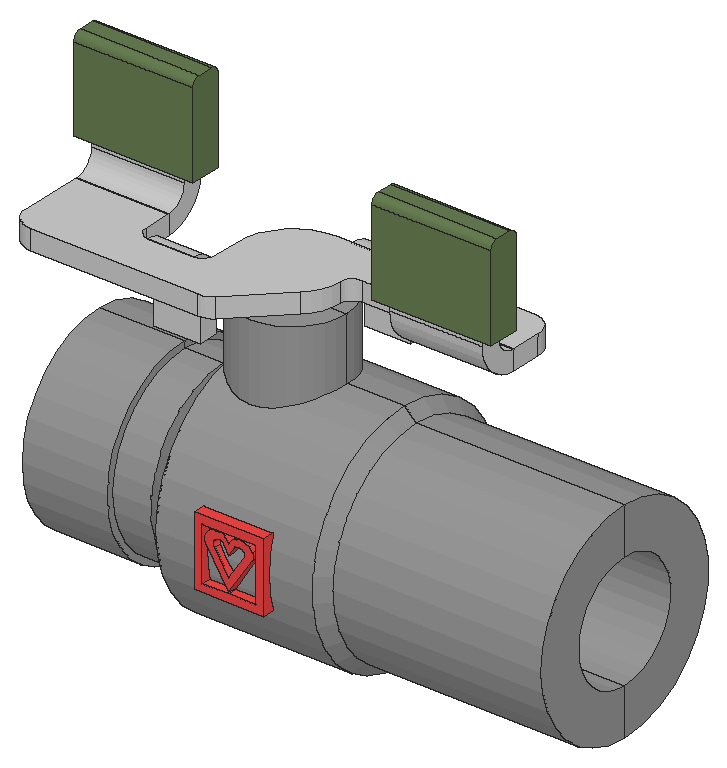
Revit family "Шаровой кран с маховиком бабочка и обратным клапаном 2110", category Rohrzubehör, Revit 2021
Family settings
  Bemaßung runder Anschluss = Durchmesser verwenden
  Teiletyp = Unterbricht
  OmniClass-Nummer = 23.65.55.14
  OmniClass-Titel = Valves for Liquid Services
  Arbeitsebenenbasiert = Nein
  Immer vertikal = Ja
  Beim Laden mit Abzugskörper schneiden = Nein
  Gemeinsam genutzt = Nein
Parameters
  Шпиндель = "латунь в соответствии с EN 12164, CW614N"  # constant formula
  Шар = "штампованная латунь, устойчивая к селективной цинковой коррозии, согласно EN 12165, хромированный полнопроходной шар, CW626N"  # constant formula
  Уплотнение шпинделя = "EPDM"  # constant formula
  Уплотнение шара = "PTFE"  # constant formula
  Среда = "Питьевая вода"  # constant formula
  Рукоятка = "маховик бабочка, цвет - зеленый, оцинкованная сталь"  # constant formula
  Резьба = "согласно  ISO 228"  # constant formula
  Примечание = "В соответствии со статьей 33 Регламента REACH (Registration; Evaluation; Authorisation; Restriction of Chemicals) (EC № 1907/2006) мы обязаны указать, что свинец внесен в список SVHC (Substances of Very High Concern - вещества очень высокой важности) и весовой процент свинца во всех латунных компонентах заводского изготовления в наших изделиях, превышает 0,1 % (w/w) (CAS: 7439-92-1 / EINECS: 231-100-4).\r\nПоскольку свинец является легирующим компонентом сплава, прямое негативное влияние исключается, и поэтому дополнительной информации о безопасном использовании не требуется."
  Область применения = "Шаровой кран с маховиком \"бабочка\" и обратным клапаном применяется в системах питьевого водоснабжения и служит запорным устройством.\r\nКак правило, шаровые краны используются в системах для надежного перекрытия трубопровода.\r\nОбратный клапан гарантирует движение потока только в одном направлении, указанном стрелкой на корпусе крана."
  Номер заказа [instance] = size_lookup("2110_0X_", "Artnr", 0, Nennweite)  # 2211001
  Мин. рабочая температура (вода) = 0.5 °C  # constant formula
  Мин. рабочая температура = -10 °C  # constant formula
  Макс. рабочее давление = 2500000.0 Pa  # constant formula
  Макс. рабочая температура = 85 °C  # constant formula
  Корпус = "штампованная латунь, устойчивая к селективной цинковой коррозии, согласно EN 12165, CW626N"  # constant formula
  W01 = 45.00°  # constant formula
  Vorgabe-Ansicht = 0.000 mm
  URL = "www.herz-armaturen.ru"
  SC_NennweiteBerechnet = 0
  SC_Dimension = ""
  SCTWSEQ = "FW;SBT_TYP_FW=\"102\";2"
  SCTWCODE = "04;04;02"  # constant formula
  S04 = 5.000 mm  # constant formula
  S03 [instance] = D04 - 2.000 mm  # 11.500 mm
  S02 [instance] = L01 + 4.500 mm  # 38.500 mm
  S01 [instance] = D04 * 2  # 27.000 mm
  R01 = 7.000 mm  # constant formula
  O-Ring обратного клапана = "силикон"  # constant formula
  Nennweite [instance] = 15.000 mm
  L05 [instance] = size_lookup("2110_0X_", "L5", 1.000 mm, Nennweite)  # 25.000 mm
  L04 [instance] = size_lookup("2110_0X_", "L4", 1.000 mm, Nennweite)  # 27.000 mm
  L03 = 5.000 mm  # constant formula
  L02 [instance] = size_lookup("2110_0X_", "L2", 1.000 mm, Nennweite)  # 11.000 mm
  L01 [instance] = size_lookup("2110_0X_", "L1", 1.000 mm, Nennweite)  # 34.000 mm
  IG [instance] = Nennweite / 2  # 7.500 mm
  Hersteller = "HERZ Armaturen Ges.m.b.H."  # constant formula
  H01 [instance] = size_lookup("2110_0X_", "H1", 1.000 mm, Nennweite)  # 23.000 mm
  Корпус обратного клапана = "POM"  # constant formula
  GT [instance] = size_lookup("2110_0X_", "GT", 1.000 mm, Nennweite)  # 10.000 mm
  DN15-DN20 [instance] = if(Nennweite = 15.000 mm, 42.000 mm, 46.000 mm)  # 42.000 mm
  D04 [instance] = size_lookup("2110_0X_", "D4", 1.000 mm, Nennweite)  # 13.500 mm
  D03 [instance] = size_lookup("2110_0X_", "D3", 1.000 mm, Nennweite)  # 15.000 mm
  D02 [instance] = size_lookup("2110_0X_", "D2", 1.000 mm, Nennweite)  # 11.700 mm
  D01 [instance] = size_lookup("2110_0X_", "D1", 1.000 mm, Nennweite)  # 12.500 mm
Reference planes
  plane 1 "Mitte (Vorne/hinten)": y = 0
  plane 2: z = 0
  plane 3 "Mitte (Links/rechts)": x = 0
Forms (mm)
  Revolve 1, solid, material "Messing, weicher Gelbton, geschweißt", detail levels fine
    sketch origin (0, 0, 0) x (1, 0, 0) y (0, 0, 1)
      loop
        line (-24, 0) -> (24, 0) -> (24, 7.5) -> (34, 7.5) -> (34, 13.5) -> (7, 13.5) -> (5.5, 15) -> (-14.7, 15) -> (-18, 11.7) -> (-23, 11.7) -> (-23, 12.5) -> (-34, 12.5) -> (-34, 7.5) -> (-24, 7.5) -> (-24, 0)
      axis (-34, 0) -> (34, 0)
    angle from 0 to 360
  Revolve 2, solid, material "Messing, weicher Gelbton, geschweißt", detail levels fine
    sketch origin (0, 0, 0) x (1, 0, 0) y (0, 0, 1)
      loop
        line (-5.588, 0) -> (-5.588, 8) -> (-2, 8) -> (-2, 23) -> (-9, 23) -> (-9, 0) -> (-5.588, 0)
      axis (-9, 0) -> (-9, 23)
    angle from 0 to 360
Lines and regions (mm)
  model lines, detail levels coarse+medium
    curve 1: line (-34, 0, 13.5) -> (-34, 0, -13.5)
    curve 2: line (-34, 0, -13.5) -> (4.5, 0, 13.5)
    curve 3: line (4.5, 0, 13.5) -> (4.5, 0, -13.5)
    curve 4: line (4.5, 0, -13.5) -> (-34, 0, 13.5)
    curve 5: circle (-14.75, 0, 0) r 11.5 normal (0, -1, 0)
    curve 6: line (4.5, 0, 13.5) -> (34, 0, -13.5)
    curve 7: line (34, 0, -13.5) -> (34, 0, 13.5)
    curve 8: circle (4.5, 0, 13.5) r 5 normal (0, -1, 0)
    curve 9: line (-34, 13.5, 0) -> (-34, -13.5, 0)
    curve 10: line (-34, -13.5, 0) -> (4.5, 13.5, 0)
    curve 11: line (4.5, 13.5, 0) -> (4.5, -13.5, 0)
    curve 12: line (4.5, -13.5, 0) -> (-34, 13.5, 0)
    curve 13: line (4.5, 13.5, 0) -> (34, -13.5, 0)
    curve 14: line (34, -13.5, 0) -> (34, 13.5, 0)
    curve 15: circle (4.5, 13.5, 0) r 5 normal (0, 0, 1)
    curve 16: circle (-14.75, 0, 0) r 11.5 normal (0, 0, 1)
Dimensions and locks
  "L01": plane 3 "Mitte (Links/rechts)" to Revolve 1 sketch curve
  "L01": Revolve 1 sketch curve to plane 3 "Mitte (Links/rechts)"
  "L02": Revolve 1 sketch curve to Revolve 1 sketch curve
  "L03": Revolve 1 sketch curve to Revolve 1 sketch curve
  "D01": Revolve 1 sketch curve to plane 2
  "D02": Revolve 1 sketch curve to plane 2
  "D03": Revolve 1 sketch curve to plane 2
  "L04": Revolve 1 sketch curve to Revolve 1 sketch curve
  "D04": Revolve 1 sketch curve to plane 2
  "GT": Revolve 1 sketch curve to Revolve 1 sketch curve  (x2)
  "IG": Revolve 1 sketch curve to plane 2  (x2)
  "L05": Revolve 1 to Revolve 2 sketch curve  (x2)
  "H01": Revolve 2 sketch curve to plane 2
  "R01": Revolve 2 sketch curve to Revolve 2 sketch curve
  Revolve 2 sketch curve to plane 2 = 8.000 mm
  equal spacing: Revolve 1, nested 1, Revolve 1
  "D03": nested 1 to plane 1 "Mitte (Vorne/hinten)"
  equal spacing: curve 4, plane 2, curve 2
  "S01": curve 4 to curve 2
  "L01": plane 3 "Mitte (Links/rechts)" to curve 1
  equal spacing: curve 3, plane 2, curve 4
  "S01": curve 4 to curve 3
  "S02": curve 1 to curve 3
  equal spacing: curve 1, curve 5, curve 3
  "S02": curve 1 to curve 8
  "L01": curve 7 to plane 3 "Mitte (Links/rechts)"
  equal spacing: curve 7, plane 2, curve 7
  "S01": curve 7 to curve 7
  equal spacing: curve 10, plane 1 "Mitte (Vorne/hinten)", curve 12
  equal spacing: curve 12, plane 1 "Mitte (Vorne/hinten)", curve 13
  equal spacing: curve 14, plane 1 "Mitte (Vorne/hinten)", curve 14
  "L01": curve 9 to plane 3 "Mitte (Links/rechts)"
  "S02": curve 9 to curve 11
  "S02": curve 9 to curve 15
  "L01": plane 3 "Mitte (Links/rechts)" to curve 14
  "S01": curve 12 to curve 9
  "S01": curve 13 to curve 12
  "S01": curve 14 to curve 14
  equal spacing: curve 9, curve 16, curve 11
  "L05": Revolve 1 to nested 2
  "DN15-DN20": nested 2 to plane 2
  "S03": radius of curve 5
  "S04": radius of curve 8
  "S04": radius of curve 15
  "S03": radius of curve 16
  "W01": angle Revolve 1 sketch curve to Revolve 1 sketch curve  (x2)
  aligned and locked: level to plane 2
Automatic sketch dimensions
  curve 5 to level = 0.000 mm
  curve 8 to curve 2 = 0.000 mm
  plane 1 "Mitte (Vorne/hinten)" to curve 16 = 0.000 mm
  curve 15 to curve 10 = 0.000 mm
  Revolve 1 sketch curve to level = 0.000 mm  (x2)
  Revolve 1 sketch curve to Revolve 1 sketch curve = 1490.843 mm
  Revolve 1 sketch curve to Revolve 1 sketch curve = 1823.461 mm
  Revolve 2 sketch curve to level = 0.000 mm  (x2)
  Revolve 2 sketch curve to Revolve 2 sketch curve = 3.588 mm
  Revolve 2 sketch curve to Revolve 2 sketch curve = 0.000 mm
Nested families
  nested 1: "Herz-Logo-vorne" at (-4.6, -15, 0) x (0, 1, 0) z (0, 0, 1), type "Herz-Logo-vorne", detail levels fine
  nested 2: "Flügelgriff (Grün) DN15-DN20" at (-9, 0, 24), type "Flügelgriff (Grün) DN15-DN20"
Connectors
  piping at (-24, 0, 0), diameter 15, driven by "Nennweite"
    settings: on Revolve 1, index 1, connector inside diameter 609.6 mm, connector length 0.000 mm, flow factor 0, pipe flow 0.0 L/s, pressure drop 0.0 Pa, fitting loss kfactor 0, connector angle 0.00°, fixture units 0, engagement length 0.000 mm, angle of deflection 0.00°, flow configuration 0, flow direction 1, fitting loss method 0, system type 29, joint type 0, gender type 0, connector reference index -1, connector utility 0, adjustable connector no, is connector primary yes, connector description ""
  piping at (24, 0, 0), diameter 15, driven by "Nennweite"
    settings: on Revolve 1, index 2, connector inside diameter 609.6 mm, connector length 0.000 mm, flow factor 0, pipe flow 0.0 L/s, pressure drop 0.0 Pa, fitting loss kfactor 0, connector angle 0.00°, fixture units 0, engagement length 0.000 mm, angle of deflection 0.00°, flow configuration 0, flow direction 2, fitting loss method 0, system type 29, joint type 0, gender type 0, connector reference index -1, connector utility 0, adjustable connector no, is connector primary no, connector description ""
Definition of nested family "Herz-Logo-vorne"
  Parameters (values of type "Herz-Logo-vorne")
    Default Elevation = 0.000 mm
  Reference planes
    plane 1 "Mitte (Vorne/hinten)": y = 0
    plane 2: z = 0
    plane 3 "Mitte (Links/rechts)": x = 0
  Forms (mm)
    Extrusion 1, solid
      sketch origin (0.732, -0.018, 0.017) x (0, -1, 0) y (0, 0, 1)
        loop
          line (-0.018, -4.517) -> (4.482, -4.517) -> (4.482, 4.483) -> (-4.518, 4.483) -> (-4.518, -4.517) -> (-0.018, -4.517)
        loop
          line (-0.05, -3.48) -> (3.482, -3.48) -> (3.482, 3.483) -> (-3.518, 3.483) -> (-3.518, -3.48) -> (-0.05, -3.48)
        loop
          arc (-0.018, 2.383) -> (-1.543, 3.287) -> (-3.067, 2.383) r 1.738
          arc (-3.067, 2.383) -> (-3.191, 1.899) -> (-3.067, 1.415) r 1.009
          line (-3.067, 1.415) -> (-0.018, -3.281) -> (3.032, 1.415)
          arc (3.032, 1.415) -> (3.156, 1.899) -> (3.032, 2.383) r 1.009
          arc (3.032, 2.383) -> (1.507, 3.287) -> (-0.018, 2.383) r 1.738
        loop
          arc (1.885, 1.272) -> (2.005, 1.675) -> (1.885, 2.079) r 0.74
          arc (1.885, 2.079) -> (1.265, 2.416) -> (0.644, 2.079) r 0.74
          line (0.644, 2.079) -> (-0.018, 0.97) -> (-0.679, 2.079)
          arc (-0.679, 2.079) -> (-1.3, 2.416) -> (-1.921, 2.079) r 0.74
          arc (-1.921, 2.079) -> (-2.04, 1.675) -> (-1.921, 1.272) r 0.74
          line (-1.921, 1.272) -> (-0.018, -1.658) -> (1.885, 1.272)
      from 0 to 1.5
  Dimensions and locks
    aligned and locked: level to plane 2
Definition of nested family "Flügelgriff (Grün) DN15-DN20"
  Parameters (values of type "Flügelgriff (Grün) DN15-DN20")
    Default Elevation = 0.000 mm
  Reference planes
    plane 1 "Mitte (Vorne/hinten)": y = 0
    plane 2: z = 0
    plane 3 "Mitte (Links/rechts)": x = 0
  Forms (mm)
    Extrusion 1, solid, detail levels fine
      sketch origin (0, 0, 0) x (1, 0, 0) y (0, 1, 0)
        loop
          line (-7, 0) -> (-7, -3.8)
          arc (-7, -3.8) -> (-7.439, -4.861) -> (-8.5, -5.3) r 1.5
          line (-8.5, -5.3) -> (-14.5, -5.3)
          arc (-14.5, -5.3) -> (-15.561, -4.861) -> (-16, -3.8) r 1.5
          line (-16, -3.8) -> (-16, 0) -> (-28, 0) -> (-28, -8.1)
          arc (-28, -8.1) -> (-27.121, -10.221) -> (-25, -11.1) r 3
          line (-25, -11.1) -> (-3.453, -11.1)
          arc (-3.453, -11.1) -> (-2.496, -10.91) -> (-1.685, -10.368) r 2.5
          line (-1.685, -10.368) -> (4.443, -4.24)
          arc (4.443, -4.24) -> (5.743, -2.295) -> (6.2, 0) r 6
          arc (6.2, 0) -> (6.64, 1.06) -> (7.7, 1.499) r 1.5
          line (7.7, 1.499) -> (15.1, 1.499)
          arc (15.1, 1.499) -> (16.16, 1.06) -> (16.6, 0) r 1.5
          line (16.6, 0) -> (28.6, 0) -> (28.6, 4)
          arc (28.6, 4) -> (27.721, 6.121) -> (25.6, 7) r 3
          line (25.6, 7) -> (0, 7)
          arc (0, 7) -> (-4.95, 4.95) -> (-7, 0) r 7
      from 0 to 2.5
    Extrusion 2, solid, detail levels fine
      sketch origin (0, 0, 0) x (0, 1, 0) y (0, 0, 1)
        loop
          arc (2.5, 5) -> (1.768, 3.232) -> (0, 2.5) r 2.5
          line (0, 2.5) -> (0, 0)
          arc (0, 0) -> (3.536, 1.464) -> (5, 5) r 5
          line (5, 5) -> (5, 6) -> (2.5, 6) -> (2.5, 5)
      from -28 to -16
    Extrusion 3, solid, detail levels fine
      sketch origin (0, 5.3, 0) x (0, 1, 0) y (0, 0, 1)
        loop
          line (-7.8, 5) -> (-7.8, 6) -> (-10.3, 6) -> (-10.3, 5)
          arc (-10.3, 5) -> (-8.836, 1.464) -> (-5.3, 0) r 5
          line (-5.3, 0) -> (-5.3, 2.5)
          arc (-5.3, 2.5) -> (-7.068, 3.232) -> (-7.8, 5) r 2.5
      from 16.6 to 28.6
    Extrusion 4, solid, detail levels fine
      sketch origin (0, 0, 0) x (0, 1, 0) y (0, 0, 1)
        loop
          line (5.75, 6) -> (5.75, 17.041)
          arc (5.75, 17.041) -> (5.469, 17.719) -> (4.791, 18) r 0.959
          line (4.791, 18) -> (2.773, 18)
          arc (2.773, 18) -> (2.05, 17.7) -> (1.75, 16.977) r 1.023
          line (1.75, 16.977) -> (1.75, 6) -> (5.75, 6)
      from -29.7 to -14.3
    Extrusion 5, solid, detail levels fine
      sketch origin (0, 0, 0) x (0, 1, 0) y (0, 0, 1)
        loop
          line (-5.75, 6) -> (-1.75, 6) -> (-1.75, 17)
          arc (-1.75, 17) -> (-2.043, 17.707) -> (-2.75, 18) r 1
          line (-2.75, 18) -> (-4.75, 18)
          arc (-4.75, 18) -> (-5.457, 17.707) -> (-5.75, 17) r 1
          line (-5.75, 17) -> (-5.75, 6)
      from 30.3 to 14.9
    Extrusion 6, solid, detail levels fine
      sketch origin (0, 0, 0) x (0, 1, 0) y (0, 0, 1)
        loop
          line (9, -2) -> (9, -8) -> (11.5, -8) -> (11.5, -2)
          arc (11.5, -2) -> (10.182, 1.182) -> (7, 2.5) r 4.5
          line (7, 2.5) -> (7, 0)
          arc (7, 0) -> (8.414, -0.586) -> (9, -2) r 2
      from 8.1 to 2.1
    Extrusion 7, solid, detail levels fine
      sketch origin (0, 0, 0) x (0, 1, 0) y (0, 0, 1)
        loop
          line (-4.3, -1) -> (-4.3, -8) -> (-1.8, -8) -> (-1.8, -1)
          arc (-1.8, -1) -> (-2.825, 1.475) -> (-5.3, 2.5) r 3.5
          line (-5.3, 2.5) -> (-5.3, 0)
          arc (-5.3, 0) -> (-4.593, -0.293) -> (-4.3, -1) r 1
      from -14.5 to -8.5
  Dimensions and locks
    aligned and locked: level to plane 2
